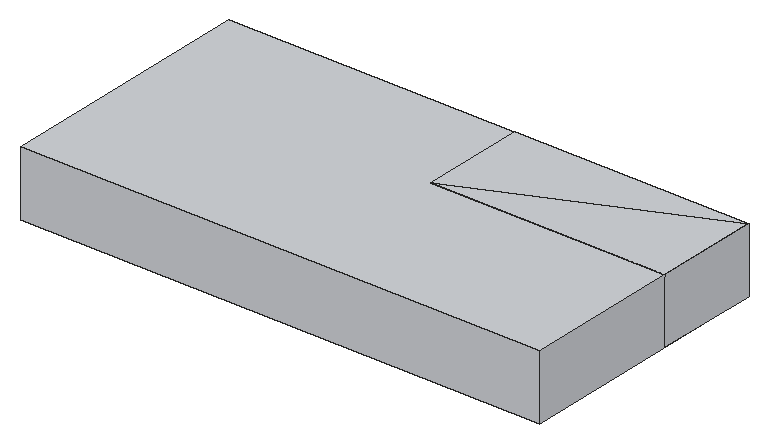
Revit family "電線管用ファミリ(片側のみ)_16", category Electrical Fixtures, Revit 2021
Family settings
  Maintain Annotation Orientation = No
  Round Connector Dimension = Use Diameter
  Part Type = Normal
  OmniClass Number = 23.80.00.00
  OmniClass Title = Electric Power and Lighting
  Work Plane-Based = No
  Always vertical = Yes
  Cut with Voids When Loaded = No
  Shared = No
  Room Calculation Point = No
Parameters
  コネクタ直径 [instance] = 16 mm
  W [instance] = 400 mm
  Default Elevation = 0 mm
  D [instance] = 200 mm
Reference planes
  plane 1 "Center (Front/Back)": y = 0
  plane 2: z = 0
  plane 3 "Center (Left/Right)": x = 0
  plane 4: x = -200
  plane 5: x = 200
  plane 6: y = 100
  plane 7: y = -100
  plane 8: z = 50
  plane 9: x = 20
  plane 10: y = 20
Forms (mm)
  Extrusion 1, solid
    sketch origin (0, 0, 0) x (1, 0, 0) y (0, 1, 0)
      loop
        line (-200, 100) -> (-200, -100) -> (200, -100) -> (200, 100) -> (-200, 100)
    from 0 to 50
  Extrusion 2, solid
    sketch origin (0, 0, 0) x (1, 0, 0) y (0, 1, 0)
      loop
        line (20, 100) -> (20, 20) -> (200, 20) -> (200, 100) -> (20, 100)
    from 0 to 50
  Extrusion 3, solid
    sketch origin (0, 0, 0) x (1, 0, 0) y (0, 1, 0)
      loop
        line (200, 100) -> (20, 20) -> (200, 20) -> (200, 100)
    from 0 to 50
Dimensions and locks
  equal spacing: plane 4, plane 3 "Center (Left/Right)", plane 5
  "W": plane 4 to plane 5
  equal spacing: plane 6, plane 1 "Center (Front/Back)", plane 7
  "D": plane 6 to plane 7
  plane 9 to plane 5 = 180 mm
  plane 10 to plane 1 "Center (Front/Back)" = 20 mm
  aligned and locked: level to plane 2
  aligned and locked: plane 8 to Extrusion 1
Automatic sketch dimensions
  Extrusion 1 sketch curve to plane 4 = 0 mm
  Extrusion 1 sketch curve to plane 5 = 0 mm
  Extrusion 1 sketch curve to plane 7 = 0 mm
  Extrusion 1 sketch curve to plane 6 = 0 mm
  Extrusion 2 sketch curve to plane 9 = 0 mm
  Extrusion 2 sketch curve to plane 5 = 0 mm
  Extrusion 2 sketch curve to plane 10 = 0 mm
  Extrusion 2 sketch curve to plane 6 = 0 mm
  Extrusion 3 sketch curve to plane 9 = 0 mm
  Extrusion 3 sketch curve to plane 5 = 0 mm
  Extrusion 3 sketch curve to plane 10 = 0 mm
  Extrusion 3 sketch curve to plane 6 = 0 mm
Connectors
  cabletrayconduit at (0, 0, 50), diameter 16
    settings: on Extrusion 1, index 1, connector width 300 mm, connector height 300 mm, connector angle 0.00°, system type 32, placement type 0, profile type 0, connector reference index -1, is primary connector yes, connector utility param no, connector description ""
